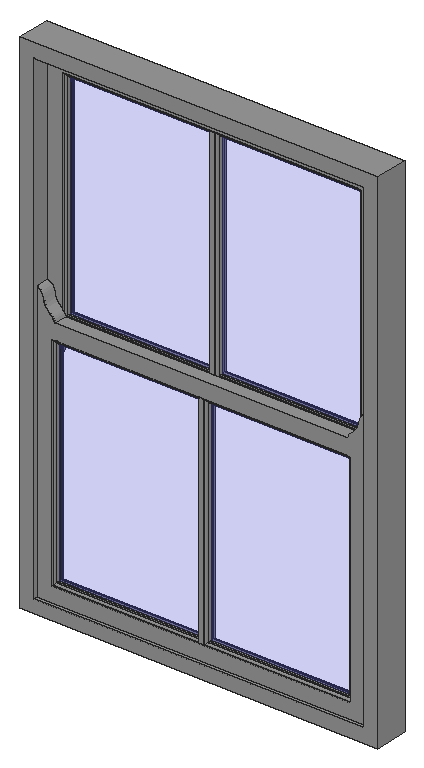
Revit family "HMS3V", category Windows, host Wall, Revit 2015
Parameters (values of type "HMS3V")
  Height = 1575 mm
  Default Lintel Height = 2100 mm
  Wall Closure = By host
  Width = 1100 mm
Reference planes
  plane 1 "Center (Front/Back)": y = 0
  plane 2 "Center (Left/Right)": x = 0
  plane 3 "Left": x = -550
  plane 4 "Right": x = 550
  plane 5 "Sill": z = 525
  plane 6 "Head": z = 2100
  plane 7 "Exterior": y = 100
  plane 8 "Interior": y = -100
  plane 9: y = -28.5
  plane 10: y = 23.5
  plane 11: z = 1312.5
  plane 12: z = 1341
  plane 13: z = 1284
Forms (mm)
  Sweep 1, solid, material "Lauan, Meranti"
    path origin (-10500, 23.5, 2100) x (0, 0, -1) y (-1, 0, 0)
      loop
        line (0, -11050) -> (1575, -11050) -> (1575, -9950) -> (0, -9950) -> (0, -11050)
    profile origin (0, 23.5, 2100) x (0, 0, 1) y (0, 1, 0)
      loop
        line (0, 29) -> (-42, 29) -> (-42, -76) -> (0, -76) -> (0, 29)
  Extrusion 2, solid, material "Lauan, Meranti"
    sketch origin (0, -23.5, -364.994) x (1, 0, 0) y (0, 1, 0)
      loop
        line (-6.5, 23.5) -> (-6.5, -1.5) -> (-15.5, -1.5) -> (-15.5, -9.5) -> (-12.5, -9.5)
        arc (-12.5, -9.5) -> (-10.743, -13.743) -> (-6.5, -15.5) r 6
        line (-6.5, -15.5) -> (-6.5, -18.5) -> (6.5, -18.5) -> (6.5, -15.5)
        arc (6.5, -15.5) -> (10.743, -13.743) -> (12.5, -9.5) r 6
        line (12.5, -9.5) -> (15.5, -9.5) -> (15.5, -1.5) -> (6.5, -1.5) -> (6.5, 23.5) -> (-6.5, 23.5)
    from 979.987 to 1658
  Extrusion 3, solid, material "Lauan, Meranti"
    sketch origin (0, 18.5, 142) x (1, 0, 0) y (0, 1, 0)
      loop
        line (-6.5, 23.5) -> (-6.5, -1.5) -> (-15.5, -1.5) -> (-15.5, -9.5) -> (-12.5, -9.5)
        arc (-12.5, -9.5) -> (-10.743, -13.743) -> (-6.5, -15.5) r 6
        line (-6.5, -15.5) -> (-6.5, -18.5) -> (6.5, -18.5) -> (6.5, -15.5)
        arc (6.5, -15.5) -> (10.743, -13.743) -> (12.5, -9.5) r 6
        line (12.5, -9.5) -> (15.5, -9.5) -> (15.5, -1.5) -> (6.5, -1.5) -> (6.5, 23.5) -> (-6.5, 23.5)
    from 1190 to 1868
  Sweep 4, solid, material "Lauan, Meranti"
    path origin (-463.766, 100, -460.916) x (1, 0, 0) y (0, 0, 1)
      loop
        line (457.266, 2470.916) -> (3.766, 2470.916) -> (3.766, 1792.916) -> (457.266, 1792.916) -> (457.266, 2470.916)
    profile origin (-233.25, 100, 2010) x (0, 0, -1) y (0, -1, 0)
      loop
        arc (0, 68.6) -> (4.67, 70.234) -> (7, 74.6) r 6.807
        line (7, 74.6) -> (9, 74.6) -> (9, 76.6) -> (0, 76.6) -> (0, 68.6)
  Sweep 5, solid, material "Lauan, Meranti"
    path origin (-355.883, 100, -1034.948) x (1, 0, 0) y (0, 0, 1)
      loop
        line (349.383, 2327.954) -> (-104.123, 2327.954) -> (-104.123, 1649.942) -> (349.383, 1649.942) -> (349.383, 2327.954)
    profile origin (-233.253, 100, 1293.006) x (0, 0, -1) y (0, -1, 0)
      loop
        arc (0, 110.6) -> (4.67, 112.234) -> (7, 116.6) r 6.807
        line (7, 116.6) -> (9, 116.6) -> (9, 118.6) -> (0, 118.6) -> (0, 110.6)
  Extrusion 6, solid, material "Glass"
    sketch origin (-10697.216, 17, 1935.091) x (0, 0, -1) y (-1, 0, 0)
      loop
        line (-74.909, -11157.216) -> (603.091, -11157.216) -> (603.091, -10703.716) -> (-74.909, -10703.716) -> (-74.909, -11157.216)
      loop
        line (-74.909, -10690.716) -> (603.091, -10690.716) -> (603.091, -10237.216) -> (-74.909, -10237.216) -> (-74.909, -10690.716)
    from 0 to 6.4
  Extrusion 7, solid, material "Glass"
    sketch origin (-10712.117, -25, 1157.245) x (0, 0, -1) y (-1, 0, 0)
      loop
        line (-135.762, -11172.123) -> (542.251, -11172.123) -> (542.251, -10718.617) -> (-135.762, -10718.617) -> (-135.762, -11172.123)
      loop
        line (-135.762, -10705.617) -> (542.251, -10705.617) -> (542.251, -10252.11) -> (-135.762, -10252.11) -> (-135.762, -10705.617)
    from 0 to 6.4
  Sweep 8, solid, material "Lauan, Meranti"
    path origin (463.766, 100, -460.916) x (-1, 0, 0) y (0, 0, -1)
      loop
        line (457.266, -2470.916) -> (457.266, -1792.916) -> (3.766, -1792.916) -> (3.766, -2470.916) -> (457.266, -2470.916)
    profile origin (233.25, 100, 2010) x (0, 0, 1) y (0, -1, 0)
      loop
        line (0, 68.6) -> (0, 76.6) -> (-9, 76.6) -> (-9, 74.6) -> (-7, 74.6)
        arc (-7, 74.6) -> (-4.67, 70.234) -> (0, 68.6) r 6.807
  Sweep 9, solid, material "Lauan, Meranti"
    path origin (355.883, 100, -1034.948) x (-1, 0, 0) y (0, 0, -1)
      loop
        line (349.383, -2327.954) -> (349.383, -1649.942) -> (-104.123, -1649.942) -> (-104.123, -2327.954) -> (349.383, -2327.954)
    profile origin (233.253, 100, 1293.006) x (0, 0, 1) y (0, -1, 0)
      loop
        line (0, 110.6) -> (0, 118.6) -> (-9, 118.6) -> (-9, 116.6) -> (-7, 116.6)
        arc (-7, 116.6) -> (-4.67, 112.234) -> (0, 110.6) r 6.807
  Extrusion 10, solid, material "Lauan, Meranti"
    sketch origin (-10500, 0, 1775) x (0, 0, -1) y (-1, 0, 0)
      loop
        line (491, -10951) -> (491, -11008) -> (576, -11008)
        spline (576, -11008) -> (568.022, -10995.331) -> (558.494, -10988.581) -> (548.752, -10985.386) -> (540.116, -10983.399) -> (533.202, -10981.197) -> (527.644, -10978.636) -> (523.005, -10975.669) -> (518.783, -10972.149) -> (514.297, -10967.644) -> (508.83, -10961.691) -> (501.472, -10955.147) -> (491, -10951)
      loop
        spline (491, -10049) -> (501.472, -10044.853) -> (508.83, -10038.309) -> (514.297, -10032.356) -> (518.783, -10027.851) -> (523.005, -10024.331) -> (527.644, -10021.364) -> (533.202, -10018.803) -> (540.116, -10016.601) -> (548.752, -10014.614) -> (558.494, -10011.419) -> (568.022, -10004.669) -> (576, -9992)
        line (576, -9992) -> (491, -9992) -> (491, -10049)
    from 0 to 42
  Extrusion 11, solid, material "Lauan, Meranti"
    sketch origin (-10500, -42, 850) x (0, 0, 1) y (1, 0, 0)
      loop
        spline (491, 10951) -> (501.472, 10955.147) -> (508.83, 10961.691) -> (514.297, 10967.644) -> (518.783, 10972.149) -> (523.005, 10975.669) -> (527.644, 10978.636) -> (533.202, 10981.197) -> (540.116, 10983.399) -> (548.752, 10985.386) -> (558.494, 10988.581) -> (568.022, 10995.331) -> (576, 11008)
        line (576, 11008) -> (491, 11008) -> (491, 10951)
      loop
        line (491, 10049) -> (491, 9992) -> (576, 9992)
        spline (576, 9992) -> (568.022, 10004.669) -> (558.494, 10011.419) -> (548.752, 10014.614) -> (540.116, 10016.601) -> (533.202, 10018.803) -> (527.644, 10021.364) -> (523.005, 10024.331) -> (518.783, 10027.851) -> (514.297, 10032.356) -> (508.83, 10038.309) -> (501.472, 10044.853) -> (491, 10049)
    from 0 to 42
  Sweep 12, solid, material "Lauan, Meranti"
    path origin (-10671.629, 23.5, 1894.103) x (0, 0, -1) y (-1, 0, 0)
      loop
        line (-163.897, -11179.629) -> (610.103, -11179.629) -> (610.103, -10163.629) -> (-163.897, -10163.629) -> (-163.897, -11179.629)
    profile origin (0, 23.5, 2058) x (0, 0, 1) y (0, 1, 0)
      loop
        line (-48, 18.5) -> (-48, -6.5) -> (-57, -6.5) -> (-57, -14.499) -> (-53.996, -14.499)
        arc (-53.996, -14.499) -> (-52.238, -18.744) -> (-47.994, -20.502) r 6.002
        line (-47.994, -20.502) -> (-47.994, -23.5) -> (0, -23.5) -> (0, 18.5) -> (-48, 18.5)
  Sweep 13, solid, material "Lauan, Meranti"
    path origin (-10670.807, 23.5, 1558.046) x (0, 0, -1) y (-1, 0, 0)
      loop
        line (217.046, -11178.807) -> (991.046, -11178.807) -> (991.046, -10162.807) -> (217.046, -10162.807) -> (217.046, -11178.807)
    profile origin (0, 23.5, 1341) x (0, 0, 1) y (0, 1, 0)
      loop
        line (0, -65.5) -> (0, -23.5) -> (-48, -23.5) -> (-48, -48.5) -> (-57, -48.5) -> (-57, -56.499) -> (-53.996, -56.499)
        arc (-53.996, -56.499) -> (-52.238, -60.744) -> (-47.994, -62.502) r 6.002
        line (-47.994, -62.502) -> (-47.994, -65.5) -> (0, -65.5)
Cuts and joins
  joined: Extrusion 11, Sweep 13
  joined: Extrusion 10, Sweep 12
Lines and regions (mm)
  Opening 1
    outline origin (3500, -100, 0) x (1, 0, 0) y (0, 0, 1)
      loop
        line (-2950, 525) -> (-2950, 2100) -> (-4050, 2100) -> (-4050, 525) -> (-2950, 525)
  model lines
    curve 1: line (508, 42, 2058) -> (0, 42, 1284)
    curve 2: line (-508, 42, 2058) -> (0, 42, 1284)
Text (mm)
  text "EXTERIOR" at (-1963.203, 1332.353, 0), in view "Ref. Level"
  text "INTERIOR" at (-1981.466, -818.386, 0), in view "Ref. Level"
  text "Exterior" at (0, 923.751, 2943.296), in view "Right"
  text "Exterior" at (0, 1040.484, 2685.409), in view "Left"
Dimensions and locks
  equal spacing: plane 3 "Left", plane 2 "Center (Left/Right)", plane 4 "Right"
  "Width": plane 3 "Left" to plane 4 "Right"
  "Height": plane 5 "Sill" to plane 6 "Head"
  "Default Lintel Height": plane 6 "Head" to level
  locked: plane 7 "Exterior" to host wall at 0
  locked: plane 8 "Interior" to host wall
  locked: plane 10 to plane 9 at 52
  plane 3 "Left" to plane 4 "Right" = 1100 mm
  aligned and locked: Sweep 1 sketch curve to host wall  (x4)
  aligned and locked: Extrusion 6 sketch curve to Extrusion 6 sketch curve
  aligned and locked: Extrusion 7 sketch curve to Extrusion 7 sketch curve  (x2)
  aligned and locked: Extrusion 3 to Extrusion 6  (x2)
  aligned and locked: Extrusion 6 to Extrusion 3  (x3)
  aligned and locked: Extrusion 7 to Extrusion 2  (x4)
  aligned and locked: Sweep 5 sketch curve to Extrusion 2
  aligned and locked: Sweep 4 sketch curve to Extrusion 3
  aligned and locked: Sweep 1 to Sweep 13 sketch curve  (x2)
  aligned and locked: Sweep 13 sketch curve to Sweep 1
  aligned and locked: Sweep 13 sketch curve to plane 12
  aligned and locked: plane 13 to Sweep 12 sketch curve
  aligned and locked: Sweep 1 to Sweep 12 sketch curve
  aligned and locked: Sweep 12 sketch curve to Sweep 1  (x2)
  aligned and locked: Extrusion 7 to Sweep 5
  aligned and locked: Sweep 13 to Sweep 9 sketch curve
  aligned and locked: Extrusion 7 to Sweep 9
  aligned and locked: Sweep 5 sketch curve to Extrusion 7
  aligned and locked: Extrusion 6 to Sweep 12
  aligned and locked: Sweep 4 sketch curve to Extrusion 6
  aligned and locked: Sweep 8 sketch curve to Extrusion 6
Automatic sketch dimensions
  plane 3 "Left" to Opening 1 sketch curve = 0 mm
  plane 4 "Right" to Opening 1 sketch curve = 0 mm
  Opening 1 sketch curve to plane 5 "Sill" = 0 mm
  Opening 1 sketch curve to plane 6 "Head" = 0 mm
  profile plane to Sweep 1 sketch curve = 0 mm
  profile plane to Sweep 1 sketch curve = 42 mm
  Sweep 1 sketch curve to plane 10 = 76 mm
  plane 10 to Sweep 1 sketch curve = 29 mm
  plane 2 "Center (Left/Right)" to curve 1 = 0 mm
  curve 1 to plane 12 = 57 mm
  curve 2 to plane 3 "Left" = 42 mm
  plane 4 "Right" to curve 1 = 42 mm
  plane 6 "Head" to curve 2 = 42 mm
  plane 6 "Head" to curve 1 = 42 mm
  host wall to Extrusion 2 sketch curve = 0 mm
  Extrusion 2 sketch curve to plane 9 = 4.5 mm
  plane 2 "Center (Left/Right)" to Extrusion 2 sketch curve = 15.5 mm
  Extrusion 2 sketch curve to Extrusion 2 sketch curve = 3 mm  (x3)
  plane 2 "Center (Left/Right)" to Extrusion 2 sketch curve = 6.5 mm  (x2)
  Extrusion 2 sketch curve to plane 2 "Center (Left/Right)" = 6.5 mm  (x2)
  Extrusion 2 sketch curve to Extrusion 2 sketch curve = 6 mm
  plane 9 to Extrusion 2 sketch curve = 3.5 mm  (x2)
  Extrusion 2 sketch curve to plane 9 = 10.5 mm
  host wall to Extrusion 3 sketch curve = 0 mm
  plane 2 "Center (Left/Right)" to Extrusion 3 sketch curve = 15.5 mm
  Extrusion 3 sketch curve to Extrusion 3 sketch curve = 3 mm  (x3)
  plane 2 "Center (Left/Right)" to Extrusion 3 sketch curve = 6.5 mm  (x2)
  Extrusion 3 sketch curve to host wall = 3 mm
  Extrusion 3 sketch curve to plane 2 "Center (Left/Right)" = 6.5 mm  (x2)
  Extrusion 3 sketch curve to Extrusion 3 sketch curve = 6 mm
  Extrusion 3 sketch curve to plane 10 = 6.5 mm  (x2)
  plane 10 to Extrusion 3 sketch curve = 18.5 mm
  Sweep 4 sketch curve to profile plane = 0 mm
  Sweep 4 sketch curve to profile plane = 0.241 mm
  Sweep 4 sketch curve to Sweep 4 sketch curve = 6.759 mm
  Sweep 4 sketch curve to Sweep 4 sketch curve = 2 mm  (x2)
  profile plane to Sweep 4 sketch curve = 68.6 mm
  Sweep 4 sketch curve to Sweep 4 sketch curve = 6 mm
  Sweep 5 sketch curve to profile plane = 0 mm
  Sweep 5 sketch curve to profile plane = 0.241 mm
  Sweep 5 sketch curve to Sweep 5 sketch curve = 6.759 mm
  Sweep 5 sketch curve to Sweep 5 sketch curve = 2 mm  (x2)
  profile plane to Sweep 5 sketch curve = 110.6 mm
  Sweep 5 sketch curve to Sweep 5 sketch curve = 6 mm
  plane 6 "Head" to Extrusion 6 sketch curve = 90 mm
  Extrusion 6 sketch curve to plane 12 = 9 mm
  plane 2 "Center (Left/Right)" to Extrusion 6 sketch curve = 6.5 mm
  Extrusion 6 sketch curve to Extrusion 6 sketch curve = 0 mm
  Extrusion 6 sketch curve to plane 2 "Center (Left/Right)" = 6.5 mm
  plane 4 "Right" to Extrusion 6 sketch curve = 90 mm
  Extrusion 6 sketch curve to plane 3 "Left" = 90 mm
  Extrusion 7 sketch curve to plane 12 = 47.994 mm
  plane 4 "Right" to Extrusion 7 sketch curve = 89.994 mm
  Extrusion 7 sketch curve to plane 5 "Sill" = 89.994 mm
  Extrusion 7 sketch curve to plane 2 "Center (Left/Right)" = 6.5 mm
  plane 2 "Center (Left/Right)" to Extrusion 7 sketch curve = 6.5 mm
  Extrusion 7 sketch curve to plane 3 "Left" = 89.994 mm
  profile plane to Sweep 8 sketch curve = 0 mm
  profile plane to Sweep 8 sketch curve = 0.241 mm
  Sweep 8 sketch curve to Sweep 8 sketch curve = 6.759 mm
  Sweep 8 sketch curve to Sweep 8 sketch curve = 2 mm  (x2)
  profile plane to Sweep 8 sketch curve = 68.6 mm
  Sweep 8 sketch curve to Sweep 8 sketch curve = 6 mm
  profile plane to Sweep 9 sketch curve = 0 mm
  profile plane to Sweep 9 sketch curve = 0.241 mm
  Sweep 9 sketch curve to Sweep 9 sketch curve = 6.759 mm
  Sweep 9 sketch curve to Sweep 9 sketch curve = 2 mm  (x2)
  profile plane to Sweep 9 sketch curve = 110.6 mm
  Sweep 9 sketch curve to Sweep 9 sketch curve = 6 mm
  Extrusion 10 sketch curve to plane 13 = 0 mm  (x2)
  Extrusion 10 sketch curve to plane 3 "Left" = 42 mm
  Extrusion 10 sketch curve to plane 13 = 85 mm  (x2)
  plane 4 "Right" to Extrusion 10 sketch curve = 42 mm
  Extrusion 10 sketch curve to Extrusion 10 sketch curve = 57 mm  (x2)
  Extrusion 11 sketch curve to plane 12 = 0 mm  (x2)
  Extrusion 11 sketch curve to plane 3 "Left" = 42 mm
  plane 12 to Extrusion 11 sketch curve = 85 mm  (x2)
  plane 4 "Right" to Extrusion 11 sketch curve = 42 mm
  Extrusion 11 sketch curve to Extrusion 11 sketch curve = 57 mm  (x2)
  profile plane to Sweep 12 sketch curve = 0 mm
  Sweep 12 sketch curve to profile plane = 23.5 mm
  profile plane to Sweep 12 sketch curve = 47.994 mm
  Sweep 12 sketch curve to Sweep 12 sketch curve = 0.006 mm
  Sweep 12 sketch curve to Sweep 12 sketch curve = 6.002 mm
  Sweep 12 sketch curve to Sweep 12 sketch curve = 3.004 mm
  Sweep 12 sketch curve to Sweep 12 sketch curve = 2.998 mm
  Sweep 12 sketch curve to profile plane = 6.5 mm
  profile plane to Sweep 12 sketch curve = 18.5 mm
  profile plane to Sweep 13 sketch curve = 0 mm
  Sweep 13 sketch curve to Sweep 13 sketch curve = 47.994 mm
  Sweep 13 sketch curve to Sweep 13 sketch curve = 0.006 mm
  Sweep 13 sketch curve to Sweep 13 sketch curve = 6.002 mm
  Sweep 13 sketch curve to Sweep 13 sketch curve = 3.004 mm
  Sweep 13 sketch curve to profile plane = 65.5 mm
  Sweep 13 sketch curve to Sweep 13 sketch curve = 2.998 mm
  Sweep 13 sketch curve to Sweep 13 sketch curve = 7.999 mm
  Sweep 13 sketch curve to profile plane = 23.5 mm
  plane 4 "Right" to Sweep 9 sketch curve = 89.994 mm
  Sweep 9 sketch curve to plane 2 "Center (Left/Right)" = 6.5 mm
  Sweep 9 sketch curve to plane 5 "Sill" = 89.994 mm
  Sweep 5 sketch curve to plane 3 "Left" = 89.994 mm
  Sweep 5 sketch curve to plane 5 "Sill" = 89.994 mm
  Sweep 4 sketch curve to plane 3 "Left" = 90 mm
  plane 6 "Head" to Sweep 4 sketch curve = 90 mm
  plane 4 "Right" to Sweep 8 sketch curve = 90 mm
  Sweep 8 sketch curve to plane 2 "Center (Left/Right)" = 6.5 mm
  plane 6 "Head" to Sweep 8 sketch curve = 90 mm
